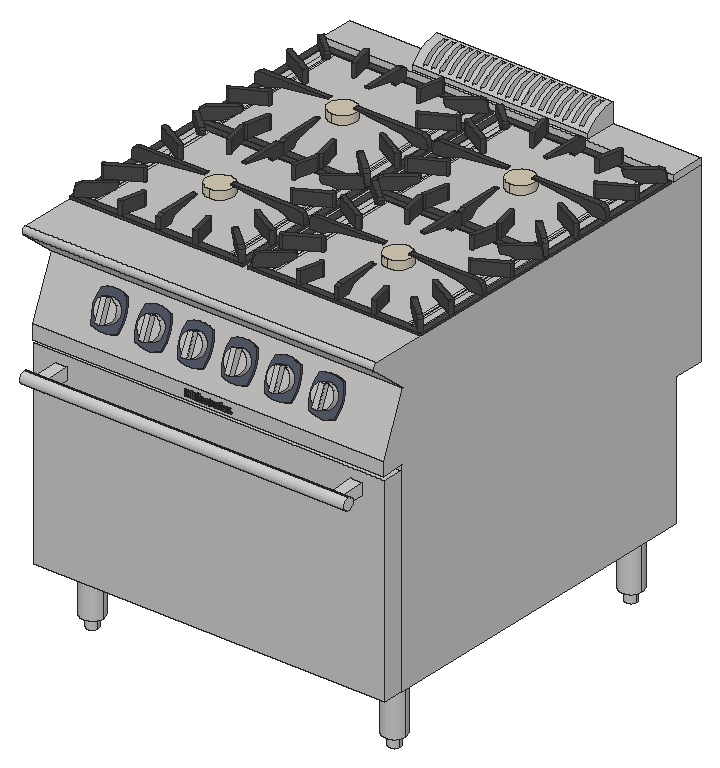
Revit family "QF_ELECTROLUXPROFESSIONAL_391457_E9AAMCBCMEE", category Specialty Equipment, Revit 2023
Family settings
  Round Connector Dimension = Use Diameter
  Part Type = Normal
  Work Plane-Based = No
  Enable Cutting in Views = No
  Always vertical = Yes
  Cut with Voids When Loaded = No
  Maintain Annotation Orientation = No
  Shared = No
  Room Calculation Point = No
Parameters (values of type "Standard")
  Weight = 155.00 kg
  Watts = 0 W
  Volts = 0 V
  URL Manufacturer = "http://www.electroluxprofessional.com"
  URL = "http://www.electroluxprofessional.com"
  Steam Supply Size = 0"
  Steam Supply Minimum Pressure = 0.00 psi
  Steam Supply Maximum Pressure = 0.00 psi
  Steam Consumption per Hour = 0
  Show Logo [instance] = yes
  Show Clearance [instance] = yes
  Refrigeration Suction Line Size = 0 mm
  Refrigeration Liquid Line Size = 0 mm
  Refrigerant Compressor Remote = yes
  Phase = 0
  Model = "E9AAMCBCMEE"
  Manufacturer = "Electrolux Professional"
  Length Actual = 800 mm
  Item Number = "391457"
  Hot Water Size = 0"
  Height Actual = 850 mm
  HP = "0 HP"
  Gas Size = 1/2"
  Gas KW = 28
  Gas Input Pressure = 2.96 Btu/h
  Direct Waste Size = 0"
  Description = "4-BURNER GAS RANGE+ELECTRIC OVEN 800MM - 3MM WORKTOP"
  Depth Actual = 930 mm
  Default Elevation = 0 mm
  Cycle = 0 Hz
  Condensate Return Size = 0"
  Compressed Air Volume = 0 GPM
  Compressed Air Size = 0"
  Compressed Air Pressure = 0.00 psi
  Cold Water Size = 0"
  Accessory = no
Reference planes
  plane 1 "BACK": y = 0
  plane 2: z = 0
  plane 3 "LEFT": x = 0
  plane 4 "RIGHT": x = 800.1
  plane 5 "FRONT": y = -930.275
  plane 6 "TOP": z = 909
  plane 7 "Center Y": x = 400.05
  plane 8 "Center X": y = -465.137
  plane 9: z = 150
  plane 10: z = 1397
  plane 11: y = -80.962
  plane 12: z = 851
  plane 13: x = 56
  plane 14: x = 744.1
  plane 15: y = -128
  plane 16: y = -802
  plane 17: y = -1306
  plane 18: y = -900
  plane 19: x = 552.1
  plane 20: x = 757.1
  plane 21: y = -665
Forms (mm)
  Extrusion 1, solid, material "QF_Finishes_Stainless Steel"
    sketch origin (0, 0, 0) x (0, 1, 0) y (0, 0, 1)
      loop
        line (0, 450.037) -> (0, 851) -> (-921.28, 851)
        arc (-921.28, 851) -> (-929.718, 845.109) -> (-927.095, 835.158) r 8.988
        line (-927.095, 835.158) -> (-846.681, 766.933) -> (-902.478, 641.576) -> (-902.478, 610.279) -> (-855.054, 614.975)
        arc (-855.054, 614.975) -> (-852.529, 614.227) -> (-851.437, 611.831) r 3.175
        line (-851.437, 611.831) -> (-851.437, 150) -> (-71.438, 150) -> (-71.438, 450.037) -> (0, 450.037)
    from 0 to 800.1
  Extrusion 2, solid, material "QF_Finishes_Stainless Steel"
    sketch origin (0, 0, 0) x (0, 1, 0) y (0, 0, 1)
      loop
        line (0, 851) -> (0, 865.288) -> (-76.2, 865.288) -> (-76.2, 851) -> (0, 851)
    from 0 to 800.1
  Extrusion 3, void
    sketch origin (-65.011, 0, 865.138) x (-1, 0, 0) y (0, -1, 0)
      loop
        line (-295.005, 6.761) -> (-285.709, 6.761) -> (-285.709, 63.911) -> (-295.005, 63.911) -> (-295.005, 6.761)
      loop
        line (-313.697, 6.761) -> (-304.401, 6.761) -> (-304.401, 63.911) -> (-313.697, 63.911) -> (-313.697, 6.761)
      loop
        line (-332.39, 6.761) -> (-323.094, 6.761) -> (-323.094, 63.911) -> (-332.39, 63.911) -> (-332.39, 6.761)
      loop
        line (-351.082, 6.761) -> (-341.787, 6.761) -> (-341.787, 63.911) -> (-351.082, 63.911) -> (-351.082, 6.761)
      loop
        line (-369.775, 6.761) -> (-360.479, 6.761) -> (-360.479, 63.911) -> (-369.775, 63.911) -> (-369.775, 6.761)
      loop
        line (-388.468, 6.761) -> (-379.172, 6.761) -> (-379.172, 63.911) -> (-388.468, 63.911) -> (-388.468, 6.761)
      loop
        line (-407.16, 6.761) -> (-397.864, 6.761) -> (-397.864, 63.911) -> (-407.16, 63.911) -> (-407.16, 6.761)
      loop
        line (-425.853, 6.761) -> (-416.557, 6.761) -> (-416.557, 63.911) -> (-425.853, 63.911) -> (-425.853, 6.761)
      loop
        line (-444.545, 6.761) -> (-435.25, 6.761) -> (-435.25, 63.911) -> (-444.545, 63.911) -> (-444.545, 6.761)
      loop
        line (-463.238, 6.761) -> (-453.942, 6.761) -> (-453.942, 63.911) -> (-463.238, 63.911) -> (-463.238, 6.761)
      loop
        line (-481.493, 6.761) -> (-472.635, 6.761) -> (-472.635, 63.911) -> (-481.493, 63.911) -> (-481.493, 6.761)
      loop
        line (-500.186, 6.761) -> (-490.89, 6.761) -> (-490.89, 63.911) -> (-500.186, 63.911) -> (-500.186, 6.761)
      loop
        line (-518.878, 6.761) -> (-509.583, 6.761) -> (-509.583, 63.911) -> (-518.878, 63.911) -> (-518.878, 6.761)
      loop
        line (-537.571, 6.761) -> (-528.275, 6.761) -> (-528.275, 63.911) -> (-537.571, 63.911) -> (-537.571, 6.761)
      loop
        line (-556.264, 6.761) -> (-546.968, 6.761) -> (-546.968, 63.911) -> (-556.264, 63.911) -> (-556.264, 6.761)
      loop
        line (-574.956, 6.761) -> (-565.66, 6.761) -> (-565.66, 63.911) -> (-574.956, 63.911) -> (-574.956, 6.761)
      loop
        line (-593.649, 6.761) -> (-584.353, 6.761) -> (-584.353, 63.911) -> (-593.649, 63.911) -> (-593.649, 6.761)
      loop
        line (-612.341, 6.761) -> (-603.046, 6.761) -> (-603.046, 63.911) -> (-612.341, 63.911) -> (-612.341, 6.761)
      loop
        line (-631.034, 6.761) -> (-621.738, 6.761) -> (-621.738, 63.911) -> (-631.034, 63.911) -> (-631.034, 6.761)
      loop
        line (-649.727, 6.761) -> (-640.431, 6.761) -> (-640.431, 63.911) -> (-649.727, 63.911) -> (-649.727, 6.761)
    from 9.525 to 45.348
  Extrusion 4, solid, material "QF_Finishes_Stainless Steel"
    sketch origin (400.05, 175.397, 1219.2) x (0, 1, 0) y (0, 0, 1)
      loop
        line (-175.397, -353.912) -> (-175.397, -310.2)
        arc (-175.397, -310.2) -> (-214.469, -318.821) -> (-245.247, -344.387) r 84.854
        line (-245.247, -344.387) -> (-245.247, -353.912) -> (-175.397, -353.912)
    from -200.05 to 199.95
  Extrusion 5, solid, material "QF_Finishes_Navy Blue"
    sketch origin (0, -879.281, 692.691) x (0, -0.406642, -0.913587) y (1, 0, 0)
      loop
        arc (-53.776, 223.651) -> (-18.194, 216.027) -> (17.514, 223.034) r 90.5
        arc (17.514, 223.034) -> (24.34, 252.222) -> (17.514, 281.409) r 65.817
        arc (17.514, 281.409) -> (-18.193, 288.369) -> (-53.776, 280.797) r 91.066
        arc (-53.776, 280.797) -> (-60.332, 252.224) -> (-53.776, 223.651) r 65.546
      loop
        arc (-53.776, 123.651) -> (-18.194, 116.027) -> (17.514, 123.034) r 90.5
        arc (17.514, 123.034) -> (24.34, 152.222) -> (17.514, 181.409) r 65.817
        arc (17.514, 181.409) -> (-18.193, 188.369) -> (-53.776, 180.797) r 91.066
        arc (-53.776, 180.797) -> (-60.332, 152.224) -> (-53.776, 123.651) r 65.546
      loop
        arc (-53.776, 576.786) -> (-60.332, 548.214) -> (-53.776, 519.641) r 65.546
        arc (-53.776, 519.641) -> (-18.193, 512.068) -> (17.514, 519.028) r 91.066
        arc (17.514, 519.028) -> (24.34, 548.216) -> (17.514, 577.404) r 65.817
        arc (17.514, 577.404) -> (-18.194, 584.411) -> (-53.776, 576.786) r 90.5
      loop
        arc (-53.776, 676.349) -> (-60.237, 647.995) -> (-53.776, 619.641) r 65.451
        arc (-53.776, 619.641) -> (-18.194, 612.032) -> (17.514, 619.025) r 90.665
        arc (17.514, 619.025) -> (24.245, 647.997) -> (17.514, 676.969) r 65.722
        arc (17.514, 676.969) -> (-18.195, 684.01) -> (-53.776, 676.349) r 90.1
      loop
        arc (-53.776, 420.279) -> (-18.194, 412.655) -> (17.514, 419.662) r 90.5
        arc (17.514, 419.662) -> (24.34, 448.849) -> (17.514, 478.037) r 65.817
        arc (17.514, 478.037) -> (-18.193, 484.997) -> (-53.776, 477.424) r 91.066
        arc (-53.776, 477.424) -> (-60.332, 448.852) -> (-53.776, 420.279) r 65.546
      loop
        arc (-53.776, 320.279) -> (-18.194, 312.655) -> (17.514, 319.662) r 90.5
        arc (17.514, 319.662) -> (24.34, 348.849) -> (17.514, 378.037) r 65.817
        arc (17.514, 378.037) -> (-18.193, 384.997) -> (-53.776, 377.424) r 91.066
        arc (-53.776, 377.424) -> (-60.332, 348.852) -> (-53.776, 320.279) r 65.546
    from 0 to 3.175
  Extrusion 6, solid, material "QF_Finishes_Stainless Steel"
    sketch origin (0, -882.182, 693.982) x (0, -0.406642, -0.913587) y (1, 0, 0)
      loop
        circle (-18.131, 252.457) r 25.4
      loop
        circle (-18.131, 152.457) r 25.4
      loop
        circle (-18.131, 547.543) r 25.4
      loop
        circle (-18.131, 647.543) r 25.4
      loop
        circle (-18.131, 349.085) r 25.4
      loop
        circle (-18.131, 449.085) r 25.4
    from 0 to 12.7
  Extrusion 7, solid, material "QF_Finishes_Stainless Steel"
    sketch origin (0, -893.785, 699.146) x (0, -0.406642, -0.913587) y (1, 0, 0)
      loop
        arc (-42.863, 258.243) -> (-43.531, 252.457) -> (-42.863, 246.671) r 25.4
        line (-42.863, 246.671) -> (6.601, 246.671)
        arc (6.601, 246.671) -> (7.269, 252.457) -> (6.601, 258.243) r 25.4
        line (6.601, 258.243) -> (-42.863, 258.243)
      loop
        arc (-42.863, 158.243) -> (-43.531, 152.457) -> (-42.863, 146.671) r 25.4
        line (-42.863, 146.671) -> (6.601, 146.671)
        arc (6.601, 146.671) -> (7.269, 152.457) -> (6.601, 158.243) r 25.4
        line (6.601, 158.243) -> (-42.863, 158.243)
      loop
        arc (-42.863, 553.425) -> (-43.531, 547.639) -> (-42.863, 541.852) r 25.4
        line (-42.863, 541.852) -> (6.601, 541.852)
        arc (6.601, 541.852) -> (7.269, 547.639) -> (6.601, 553.425) r 25.4
        line (6.601, 553.425) -> (-42.863, 553.425)
      loop
        arc (-42.863, 653.425) -> (-43.531, 647.639) -> (-42.863, 641.852) r 25.4
        line (-42.863, 641.852) -> (6.601, 641.852)
        arc (6.601, 641.852) -> (7.269, 647.639) -> (6.601, 653.425) r 25.4
        line (6.601, 653.425) -> (-42.863, 653.425)
      loop
        arc (-42.863, 454.871) -> (-43.531, 449.085) -> (-42.863, 443.299) r 25.4
        line (-42.863, 443.299) -> (6.601, 443.299)
        arc (6.601, 443.299) -> (7.269, 449.085) -> (6.601, 454.871) r 25.4
        line (6.601, 454.871) -> (-42.863, 454.871)
      loop
        arc (-42.863, 354.871) -> (-43.531, 349.085) -> (-42.863, 343.299) r 25.4
        line (-42.863, 343.299) -> (6.601, 343.299)
        arc (6.601, 343.299) -> (7.269, 349.085) -> (6.601, 354.871) r 25.4
        line (6.601, 354.871) -> (-42.863, 354.871)
    from 0 to 12.7
  Extrusion 8, solid, material "QF_Finishes_Navy Blue", visible <- "Show Logo"
    sketch origin (0, -902.478, 610.279) x (0, 0, 1) y (-1, 0, 0)
      loop
        line (21.268, -357.807) -> (8.901, -357.807)
        arc (8.901, -357.807) -> (15.085, -362.379) -> (21.268, -357.807) r 6.467
      loop
        arc (21.268, -357.178) -> (20.099, -352.035) -> (15.443, -349.557) r 6.338
        line (15.443, -349.557) -> (15.443, -351.603)
        arc (15.443, -351.603) -> (16.927, -355.258) -> (20.372, -357.178) r 5.941
        line (20.372, -357.178) -> (21.268, -357.178)
      loop
        arc (9.797, -357.178) -> (13.242, -355.258) -> (14.726, -351.603) r 5.941
        line (14.726, -351.603) -> (14.726, -349.557)
        arc (14.726, -349.557) -> (10.032, -352.031) -> (8.742, -357.178) r 6.504
        line (8.742, -357.178) -> (9.797, -357.178)
      loop
        line (21.943, -349.088) -> (8.198, -349.088) -> (8.198, -362.851) -> (21.943, -362.851) -> (21.943, -349.088)
      loop
        arc (22.026, -365.819) -> (21.679, -365.461) -> (21.312, -365.799) r 0.358
        arc (21.312, -365.799) -> (20.997, -366.549) -> (20.281, -366.934) r 1.216
        line (20.281, -366.934) -> (9.868, -366.934)
        arc (9.868, -366.934) -> (9.208, -366.657) -> (8.812, -366.06) r 1.238
        arc (8.812, -366.06) -> (8.417, -365.809) -> (8.112, -366.163) r 0.358
        line (8.112, -366.163) -> (8.112, -376.042) -> (10.863, -376.042) -> (10.863, -375.145)
        arc (10.863, -375.145) -> (9.954, -374.565) -> (9.498, -373.588) r 1.928
        line (9.498, -373.588) -> (9.498, -371.089)
        arc (9.498, -371.089) -> (9.774, -370.36) -> (10.462, -369.996) r 1.101
        line (10.462, -369.996) -> (14.549, -369.996) -> (14.549, -373.67)
        arc (14.549, -373.67) -> (14.196, -374.167) -> (13.631, -374.395) r 1.083
        arc (13.631, -374.395) -> (13.367, -374.7) -> (13.659, -374.978) r 0.292
        line (13.659, -374.978) -> (16.621, -374.978)
        arc (16.621, -374.978) -> (16.924, -374.705) -> (16.686, -374.375) r 0.305
        arc (16.686, -374.375) -> (16.195, -374.127) -> (15.89, -373.67) r 1.083
        line (15.89, -373.67) -> (15.89, -369.996) -> (20.567, -369.996) -> (20.567, -373.744)
        arc (20.567, -373.744) -> (20.353, -374.499) -> (19.747, -374.997) r 1.314
        arc (19.747, -374.997) -> (19.527, -375.401) -> (19.882, -375.694) r 0.361
        line (19.882, -375.694) -> (22.026, -375.694) -> (22.026, -365.819)
      loop
        arc (21.309, -376.474) -> (20.928, -377.393) -> (20.01, -377.773) r 1.299
        line (20.01, -377.773) -> (10.431, -377.773)
        arc (10.431, -377.773) -> (9.593, -377.395) -> (9.321, -376.517) r 1.118
        line (9.321, -376.517) -> (8.112, -376.517) -> (8.112, -381.867) -> (9.3, -381.867)
        arc (9.3, -381.867) -> (9.572, -380.95) -> (10.442, -380.554) r 1.153
        line (10.442, -380.554) -> (22.514, -380.554) -> (21.309, -376.474)
      loop
        line (13.077, -384.503) -> (13.077, -390.951) -> (13.876, -390.951)
        arc (13.876, -390.951) -> (16.456, -389.966) -> (17.725, -387.513) r 3.874
        line (17.725, -387.513) -> (17.725, -385.752)
        arc (17.725, -385.752) -> (16.538, -382.887) -> (13.674, -381.701) r 4.051
        line (13.674, -381.701) -> (11.666, -381.701)
        arc (11.666, -381.701) -> (8.847, -383.186) -> (7.795, -386.193) r 4.352
        arc (7.795, -386.193) -> (8.16, -388.656) -> (9.537, -390.73) r 5.713
        line (9.537, -390.73) -> (10.486, -390.73)
        arc (10.486, -390.73) -> (9.754, -389.161) -> (9.537, -387.443) r 5.579
        arc (9.537, -387.443) -> (10.331, -385.48) -> (12.21, -384.503) r 3.057
        line (12.21, -384.503) -> (13.077, -384.503)
      loop
        line (14.336, -384.503) -> (14.336, -388.085)
        arc (14.336, -388.085) -> (15.793, -388.133) -> (16.676, -386.973) r 1.59
        line (16.676, -386.973) -> (16.676, -386.143)
        arc (16.676, -386.143) -> (15.811, -384.888) -> (14.336, -384.503) r 2.184
      loop
        arc (17.127, -400.368) -> (17.616, -398.694) -> (17.773, -396.957) r 9.023
        line (17.773, -396.957) -> (17.773, -395.595)
        arc (17.773, -395.595) -> (16.614, -392.795) -> (13.814, -391.636) r 3.959
        line (13.814, -391.636) -> (11.214, -391.636)
        arc (11.214, -391.636) -> (8.932, -392.928) -> (7.815, -395.301) r 4.331
        line (7.815, -395.301) -> (7.815, -397.436)
        arc (7.815, -397.436) -> (8.323, -398.986) -> (9.245, -400.332) r 5.772
        arc (9.245, -400.332) -> (10.006, -400.383) -> (10.093, -399.624) r 0.553
        arc (10.093, -399.624) -> (9.705, -398.89) -> (9.571, -398.071) r 2.573
        line (9.571, -398.071) -> (9.571, -396.556)
        arc (9.571, -396.556) -> (10.577, -394.915) -> (12.392, -394.272) r 2.884
        line (12.392, -394.272) -> (13.67, -394.272)
        arc (13.67, -394.272) -> (15.492, -394.832) -> (16.418, -396.497) r 2.554
        line (16.418, -396.497) -> (16.418, -397.55)
        arc (16.418, -397.55) -> (16.087, -398.478) -> (15.43, -399.213) r 2.564
        arc (15.43, -399.213) -> (15.208, -399.93) -> (15.817, -400.368) r 0.643
        line (15.817, -400.368) -> (17.127, -400.368)
      loop
        line (16.109, -400.638) -> (16.109, -402.139) -> (10.061, -402.139)
        arc (10.061, -402.139) -> (8.473, -402.797) -> (7.815, -404.385) r 2.246
        line (7.815, -404.385) -> (7.815, -405.969)
        arc (7.815, -405.969) -> (8.129, -406.834) -> (8.629, -407.605) r 4.06
        arc (8.629, -407.605) -> (9.362, -407.738) -> (9.613, -407.037) r 0.576
        arc (9.613, -407.037) -> (9.507, -406.512) -> (9.571, -405.979) r 1.69
        arc (9.571, -405.979) -> (10.113, -405.191) -> (11.019, -404.888) r 1.506
        line (11.019, -404.888) -> (16.157, -404.888) -> (16.157, -407.285) -> (16.713, -407.842) -> (17.535, -407.842) -> (17.535, -404.982) -> (20.766, -404.982) -> (16.109, -400.638)
      loop
        line (8.032, -408.739) -> (8.032, -414.126) -> (9.142, -414.126)
        arc (9.142, -414.126) -> (9.536, -413.175) -> (10.487, -412.781) r 1.345
        line (10.487, -412.781) -> (14.103, -412.781)
        arc (14.103, -412.781) -> (14.868, -413.373) -> (15.157, -414.295) r 1.615
        line (15.157, -414.295) -> (15.157, -415.851) -> (17.713, -416.536) -> (17.713, -415.153) -> (15.771, -412.594) -> (17.651, -412.594) -> (17.367, -409.888)
        arc (17.367, -409.888) -> (16.927, -409.358) -> (16.268, -409.559) r 0.621
        arc (16.268, -409.559) -> (15.868, -409.901) -> (15.374, -410.084) r 1.501
        line (15.374, -410.084) -> (10.487, -410.084)
        arc (10.487, -410.084) -> (9.536, -409.69) -> (9.142, -408.739) r 1.345
        line (9.142, -408.739) -> (8.032, -408.739)
      loop
        line (14.134, -416.073) -> (11.442, -416.073)
        arc (11.442, -416.073) -> (8.996, -417.381) -> (7.863, -419.912) r 4.288
        arc (7.863, -419.912) -> (7.799, -421.292) -> (7.863, -422.672) r 15.022
        arc (7.863, -422.672) -> (8.996, -425.203) -> (11.442, -426.51) r 4.288
        line (11.442, -426.51) -> (14.134, -426.51)
        arc (14.134, -426.51) -> (16.579, -425.203) -> (17.713, -422.672) r 4.288
        arc (17.713, -422.672) -> (17.777, -421.292) -> (17.713, -419.912) r 15.022
        arc (17.713, -419.912) -> (16.579, -417.381) -> (14.134, -416.073) r 4.288
      loop
        line (14.339, -419.187) -> (11.237, -419.187)
        arc (11.237, -419.187) -> (9.08, -421.344) -> (11.237, -423.501) r 2.157
        line (11.237, -423.501) -> (14.339, -423.501)
        arc (14.339, -423.501) -> (16.496, -421.344) -> (14.339, -419.187) r 2.157
      loop
        arc (21.32, -426.369) -> (20.949, -427.263) -> (20.055, -427.633) r 1.264
        line (20.055, -427.633) -> (10.191, -427.633)
        arc (10.191, -427.633) -> (9.321, -427.236) -> (9.049, -426.32) r 1.153
        line (9.049, -426.32) -> (8.112, -426.32) -> (8.112, -431.428) -> (9.04, -431.428)
        arc (9.04, -431.428) -> (9.399, -430.656) -> (10.191, -430.341) r 1.153
        line (10.191, -430.341) -> (22.514, -430.341) -> (21.32, -426.369)
      loop
        arc (16.44, -430.966) -> (16.241, -432.03) -> (15.272, -432.512) r 1.215
        line (15.272, -432.512) -> (10.252, -432.512)
        arc (10.252, -432.512) -> (8.637, -433.16) -> (7.916, -434.743) r 2.338
        line (7.916, -434.743) -> (7.916, -436.257)
        arc (7.916, -436.257) -> (8.091, -437.261) -> (8.593, -438.147) r 2.979
        line (8.593, -438.147) -> (8.112, -439.944) -> (8.112, -441.633) -> (17.537, -441.633) -> (17.243, -437.429) -> (16.457, -437.429)
        arc (16.457, -437.429) -> (16.101, -438.265) -> (15.349, -438.774) r 1.605
        line (15.349, -438.774) -> (10.246, -438.774)
        arc (10.246, -438.774) -> (9.826, -437.837) -> (9.753, -436.813) r 2.94
        arc (9.753, -436.813) -> (10.314, -435.712) -> (11.467, -435.269) r 1.724
        line (11.467, -435.269) -> (17.664, -435.269) -> (16.44, -430.966)
      loop
        line (17.468, -442.486) -> (15.796, -444.532) -> (12.622, -446.838) -> (9.166, -443.726)
        arc (9.166, -443.726) -> (8.928, -443.332) -> (8.951, -442.873) r 0.789
        line (8.951, -442.873) -> (8.112, -442.873) -> (8.112, -446.418) -> (8.938, -446.418)
        arc (8.938, -446.418) -> (9.28, -446.056) -> (9.77, -446.148) r 0.52
        line (9.77, -446.148) -> (11.57, -447.619) -> (9.452, -448.995)
        arc (9.452, -448.995) -> (9.051, -448.685) -> (8.964, -448.185) r 0.7
        line (8.964, -448.185) -> (8.112, -448.185) -> (8.112, -454.112) -> (8.998, -454.112)
        arc (8.998, -454.112) -> (9.065, -453.453) -> (9.46, -452.922) r 1.247
        line (9.46, -452.922) -> (13.66, -449.641) -> (16.107, -451.694) -> (17.468, -453.436) -> (17.468, -449.713) -> (15.983, -450.135) -> (14.462, -448.858) -> (16.162, -447.668) -> (17.468, -448.445) -> (17.468, -442.486)
    from 0 to 1.644
  Extrusion 9, solid, material "QF_Finishes_Stainless Steel"
    sketch origin (0, -851.437, 611.831) x (0, 0, -1) y (1, 0, 0)
      loop
        line (461.056, 0) -> (461.056, 800) -> (9.61, 800) -> (9.61, 0) -> (461.056, 0)
    from 3.175 to 48.563
  Extrusion 10, solid, material "QF_Door-Drawer Clearances", visible <- "Show Clearance", detail levels coarse
    sketch origin (800, -851.437, 150.775) x (0, 0, 1) y (0, -1, 0)
      loop
        line (0, 454.563) -> (0, 48.563) -> (451.635, 48.563)
        arc (451.635, 48.563) -> (296.232, 329.892) -> (0, 454.563) r 490.361
    from 0 to -800
  Extrusion 11, solid, material "QF_Clearances", visible <- "Show Clearance", detail levels coarse
    sketch origin (0, 0, 0) x (1, 0, 0) y (0, 1, 0)
      loop
        line (-100.013, -930.275) -> (0, -930.275) -> (0, 0) -> (800.1, 0) -> (800.1, -930.275) -> (900.113, -930.275) -> (900.113, 100.013) -> (-100.013, 100.013) -> (-100.013, -930.275)
    from 0 to 909
  Revolve 12, solid, material "QF_Finishes_Stainless Steel"
    sketch origin (800.1, -128, 611.731) x (0, 0, -1) y (1, 0, 0)
      loop
        line (461.731, -56) -> (611.731, -56) -> (611.731, -43.3) -> (586.331, -43.3) -> (586.331, -30.6) -> (461.731, -30.6) -> (461.731, -56)
      axis (611.731, -56) -> (461.731, -56)
    angle from 0 to 360
  Revolve 13, solid, material "QF_Finishes_Stainless Steel"
    sketch origin (111.125, -128, 611.731) x (0, 0, -1) y (1, 0, 0)
      loop
        line (461.731, -55.125) -> (611.731, -55.125) -> (611.731, -42.425) -> (586.331, -42.425) -> (586.331, -29.725) -> (461.731, -29.725) -> (461.731, -55.125)
      axis (611.731, -55.125) -> (461.731, -55.125)
    angle from 0 to 360
  Revolve 14, solid, material "QF_Finishes_Stainless Steel"
    sketch origin (800.1, -802, 611.731) x (0, 0, -1) y (1, 0, 0)
      loop
        line (461.731, -56) -> (611.731, -56) -> (611.731, -43.3) -> (586.331, -43.3) -> (586.331, -30.6) -> (461.731, -30.6) -> (461.731, -56)
      axis (611.731, -56) -> (461.731, -56)
    angle from 0 to 360
  Revolve 15, solid, material "QF_Finishes_Stainless Steel"
    sketch origin (111.125, -802, 611.731) x (0, 0, -1) y (1, 0, 0)
      loop
        line (461.731, -55.125) -> (611.731, -55.125) -> (611.731, -42.425) -> (586.331, -42.425) -> (586.331, -29.725) -> (461.731, -29.725) -> (461.731, -55.125)
      axis (611.731, -55.125) -> (461.731, -55.125)
    angle from 0 to 360
  Extrusion 16, solid, material "QF_Finishes_Handrails and Railings"
    sketch origin (50.8, -1067.312, 150) x (0, 0, 1) y (0, 1, 0)
      loop
        circle (421.409, 103.146) r 12.7
    from 19.875 to -718.375
  Extrusion 17, solid, material "QF_Finishes_Handrails and Railings"
    sketch origin (800, -1067.312, 150) x (0, 0, 1) y (0, -1, 0)
      loop
        line (430.101, -167.312) -> (427.396, -114.347)
        arc (427.396, -114.347) -> (413.589, -113.153) -> (409.093, -100.044) r 12.7
        arc (409.093, -100.044) -> (408.276, -100.585) -> (407.501, -101.183) r 13.441
        arc (407.501, -101.183) -> (406.055, -102.989) -> (405.435, -105.216) r 5.77
        line (405.435, -105.216) -> (402.092, -167.312) -> (430.101, -167.312)
    from -50.7 to -76.1
  Extrusion 18, solid, material "QF_Finishes_Handrails and Railings"
    sketch origin (0.1, -1067.312, 150) x (0, 0, 1) y (0, 1, 0)
      loop
        line (430.101, 167.312) -> (402.092, 167.312) -> (405.435, 105.216)
        arc (405.435, 105.216) -> (406.055, 102.989) -> (407.501, 101.183) r 5.77
        arc (407.501, 101.183) -> (408.276, 100.585) -> (409.093, 100.044) r 13.441
        arc (409.093, 100.044) -> (413.589, 113.153) -> (427.396, 114.347) r 12.7
        line (427.396, 114.347) -> (430.101, 167.312)
    from -50.7 to -76.1
  Extrusion 19, solid, material "QF_Finishes_Stainless Steel"
    sketch origin (0, -851.437, 150) x (1, 0, 0) y (0, -1, 0)
      loop
        circle (757.1, -91.437) r 12.7
    from 0 to 4
  Extrusion 20, solid, material "QF_Finishes_Stainless Steel"
    sketch origin (0, -851.437, 150) x (1, 0, 0) y (0, -1, 0)
      loop
        circle (749.1, -186.437) r 6.4
    from 0 to 21
  Extrusion 21, solid, material "QF_Finishes_Stainless Steel"
    sketch origin (0, -851.437, 150) x (1, 0, 0) y (0, -1, 0)
      loop
        circle (649.1, -316.437) r 12.7
    from 0 to 3
Cuts and joins
  Extrusion 3 cuts Extrusion 4
Lines and regions (mm)
  Split face 1
    outline origin (0, -846.681, 766.933) x (0, -0.406642, -0.913587) y (1, 0, 0)
      loop
        circle (14.837, 511.387) r 5
  Split face 2
    outline origin (800.1, -846.681, 766.933) x (0, -0.406642, -0.913587) y (1, 0, 0)
      loop
        circle (14.837, -511.387) r 5
  symbolic lines, style "QF_Clearances", visible <- "Show Clearance", detail levels coarse
    curve 1: line (-100.013, -930.275, 0) -> (-100.012, 100.013, 0)
    curve 2: line (-100.013, 100.013, 0) -> (900.113, 100.013, 0)
    curve 3: line (900.113, 100.013, 0) -> (900.113, -929.879, 0)
  symbolic lines
    curve 4: line (0, 0, 0) -> (800.1, 0, 0)
    curve 5: line (800.1, 0, 0) -> (800.1, -930.275, 0)
    curve 6: line (0, -930.275, 0) -> (0, 0, 0)
    curve 7: line (0, -76.2, 0) -> (800.1, -76.2, 0)
    curve 8: line (0, -930.275, 0) -> (800.1, -930.275, 0)
    curve 13: line (50.8, -967.268, 0) -> (50.8, -930.275, 0)
    curve 14: line (50.8, -967.268, 0) -> (76.2, -967.268, 0)
    curve 15: line (76.2, -967.268, 0) -> (76.2, -930.275, 0)
    curve 16: line (30.925, -951.466, 0) -> (30.925, -976.866, 0)
    curve 17: line (30.925, -976.866, 0) -> (769.175, -976.866, 0)
    curve 18: line (769.175, -976.866, 0) -> (769.175, -951.466, 0)
    curve 19: line (769.175, -951.466, 0) -> (749.3, -951.466, 0)
    curve 20: line (749.3, -967.268, 0) -> (749.3, -930.275, 0)
    curve 21: line (723.9, -930.275, 0) -> (723.9, -967.268, 0)
    curve 22: line (723.9, -967.268, 0) -> (749.3, -967.268, 0)
    curve 23: line (76.2, -951.468, 0) -> (723.9, -951.468, 0)
    curve 24: line (200, -69.85, 0) -> (600, -69.85, 0)
    curve 25: line (220.698, -63.911, 0) -> (220.698, -6.761, 0)
    curve 26: line (220.698, -6.761, 0) -> (229.994, -6.761, 0)
    curve 27: line (229.994, -6.761, 0) -> (229.994, -63.911, 0)
    curve 28: line (229.994, -63.911, 0) -> (220.698, -63.911, 0)
    curve 29: line (239.39, -63.911, 0) -> (239.39, -6.761, 0)
    curve 30: line (239.39, -6.761, 0) -> (248.686, -6.761, 0)
    curve 31: line (248.686, -6.761, 0) -> (248.686, -63.911, 0)
    curve 32: line (248.686, -63.911, 0) -> (239.39, -63.911, 0)
    curve 33: line (258.083, -63.911, 0) -> (258.083, -6.761, 0)
    curve 34: line (258.083, -6.761, 0) -> (267.379, -6.761, 0)
    curve 35: line (267.379, -6.761, 0) -> (267.379, -63.911, 0)
    curve 36: line (267.379, -63.911, 0) -> (258.083, -63.911, 0)
    curve 37: line (276.776, -63.911, 0) -> (276.776, -6.761, 0)
    curve 38: line (276.776, -6.761, 0) -> (286.071, -6.761, 0)
    curve 39: line (286.071, -6.761, 0) -> (286.071, -63.911, 0)
    curve 40: line (286.071, -63.911, 0) -> (276.776, -63.911, 0)
    curve 41: line (295.468, -63.911, 0) -> (295.468, -6.761, 0)
    curve 42: line (295.468, -6.761, 0) -> (304.764, -6.761, 0)
    curve 43: line (304.764, -6.761, 0) -> (304.764, -63.911, 0)
    curve 44: line (304.764, -63.911, 0) -> (295.468, -63.911, 0)
    curve 45: line (314.161, -63.911, 0) -> (314.161, -6.761, 0)
    curve 46: line (314.161, -6.761, 0) -> (323.457, -6.761, 0)
    curve 47: line (323.457, -6.761, 0) -> (323.457, -63.911, 0)
    curve 48: line (323.457, -63.911, 0) -> (314.161, -63.911, 0)
    curve 49: line (332.854, -63.911, 0) -> (332.854, -6.761, 0)
    curve 50: line (332.854, -6.761, 0) -> (342.149, -6.761, 0)
    curve 51: line (342.149, -6.761, 0) -> (342.149, -63.911, 0)
    curve 52: line (342.149, -63.911, 0) -> (332.854, -63.911, 0)
    curve 53: line (351.546, -63.911, 0) -> (351.546, -6.761, 0)
    curve 54: line (351.546, -6.761, 0) -> (360.842, -6.761, 0)
    curve 55: line (360.842, -6.761, 0) -> (360.842, -63.911, 0)
    curve 56: line (360.842, -63.911, 0) -> (351.546, -63.911, 0)
    curve 57: line (370.239, -63.911, 0) -> (370.239, -6.761, 0)
    curve 58: line (370.239, -6.761, 0) -> (379.534, -6.761, 0)
    curve 59: line (379.534, -6.761, 0) -> (379.534, -63.911, 0)
    curve 60: line (379.534, -63.911, 0) -> (370.239, -63.911, 0)
    curve 61: line (388.931, -63.911, 0) -> (388.931, -6.761, 0)
    curve 62: line (388.931, -6.761, 0) -> (398.227, -6.761, 0)
    curve 63: line (398.227, -6.761, 0) -> (398.227, -63.911, 0)
    curve 64: line (398.227, -63.911, 0) -> (388.931, -63.911, 0)
    curve 65: line (407.624, -63.911, 0) -> (407.624, -6.761, 0)
    curve 66: line (407.624, -6.761, 0) -> (416.482, -6.761, 0)
    curve 67: line (416.482, -6.761, 0) -> (416.482, -63.911, 0)
    curve 68: line (416.482, -63.911, 0) -> (407.624, -63.911, 0)
    curve 69: line (425.879, -63.911, 0) -> (425.879, -6.761, 0)
    curve 70: line (425.879, -6.761, 0) -> (435.175, -6.761, 0)
    curve 71: line (435.175, -6.761, 0) -> (435.175, -63.911, 0)
    curve 72: line (435.175, -63.911, 0) -> (425.879, -63.911, 0)
    curve 73: line (444.572, -63.911, 0) -> (444.572, -6.761, 0)
    curve 74: line (444.572, -6.761, 0) -> (453.867, -6.761, 0)
    curve 75: line (453.867, -6.761, 0) -> (453.867, -63.911, 0)
    curve 76: line (453.867, -63.911, 0) -> (444.572, -63.911, 0)
    curve 77: line (463.264, -63.911, 0) -> (463.264, -6.761, 0)
    curve 78: line (463.264, -6.761, 0) -> (472.56, -6.761, 0)
    curve 79: line (472.56, -6.761, 0) -> (472.56, -63.911, 0)
    curve 80: line (472.56, -63.911, 0) -> (463.264, -63.911, 0)
    curve 81: line (481.957, -63.911, 0) -> (481.957, -6.761, 0)
    curve 82: line (481.957, -6.761, 0) -> (491.253, -6.761, 0)
    curve 83: line (491.253, -6.761, 0) -> (491.253, -63.911, 0)
    curve 84: line (491.253, -63.911, 0) -> (481.957, -63.911, 0)
    curve 85: line (500.65, -63.911, 0) -> (500.65, -6.761, 0)
    curve 86: line (500.65, -6.761, 0) -> (509.945, -6.761, 0)
    curve 87: line (509.945, -6.761, 0) -> (509.945, -63.911, 0)
    curve 88: line (509.945, -63.911, 0) -> (500.65, -63.911, 0)
    curve 89: line (519.342, -63.911, 0) -> (519.342, -6.761, 0)
    curve 90: line (519.342, -6.761, 0) -> (528.638, -6.761, 0)
    curve 91: line (528.638, -6.761, 0) -> (528.638, -63.911, 0)
    curve 92: line (528.638, -63.911, 0) -> (519.342, -63.911, 0)
    curve 93: line (538.035, -63.911, 0) -> (538.035, -6.761, 0)
    curve 94: line (538.035, -6.761, 0) -> (547.33, -6.761, 0)
    curve 95: line (547.33, -6.761, 0) -> (547.33, -63.911, 0)
    curve 96: line (547.33, -63.911, 0) -> (538.035, -63.911, 0)
    curve 97: line (556.727, -63.911, 0) -> (556.727, -6.761, 0)
    curve 98: line (556.727, -6.761, 0) -> (566.023, -6.761, 0)
    curve 99: line (566.023, -6.761, 0) -> (566.023, -63.911, 0)
    curve 100: line (566.023, -63.911, 0) -> (556.727, -63.911, 0)
    curve 101: line (575.42, -63.911, 0) -> (575.42, -6.761, 0)
    curve 102: line (575.42, -6.761, 0) -> (584.716, -6.761, 0)
    curve 103: line (584.716, -6.761, 0) -> (584.716, -63.911, 0)
    curve 104: line (584.716, -63.911, 0) -> (575.42, -63.911, 0)
    curve 105: line (600, -69.85, 0) -> (600, 0, 0)
    curve 106: line (200, 0, 0) -> (200, -69.85, 0)
  symbolic lines, style "QF_Door-Drawer Clearances"
    curve 9: line (800.1, -930.275, 0) -> (800.1, -1306, 0)
    curve 10: line (800.1, -1306, 0) -> (0, -1306, 0)
    curve 11: line (0, -930.275, 0) -> (0, -1306, 0)
  symbolic lines, style "SpecialityEquipment"
    curve 12: line (30.925, -951.466, 0) -> (50.8, -951.466, 0)
Dimensions and locks
  equal spacing: plane 3 "LEFT", plane 7 "Center Y", plane 4 "RIGHT"
  plane 3 "LEFT" to plane 4 "RIGHT" = 800.1 mm
  equal spacing: plane 5 "FRONT", plane 8 "Center X", plane 1 "BACK"
  plane 5 "FRONT" to plane 1 "BACK" = 930.275 mm  (x3)
  plane 6 "TOP" to plane 2 = 909 mm
  plane 9 to plane 2 = 150 mm
  plane 10 to plane 2 = 1397 mm
  plane 6 "TOP" to plane 12 = 58 mm  (x2)
  plane 12 to plane 2 = 851 mm
  plane 3 "LEFT" to plane 13 = 56 mm
  plane 4 "RIGHT" to plane 14 = 56 mm
  plane 15 to plane 1 "BACK" = 128 mm
  plane 16 to plane 15 = 674 mm
  Extrusion 1 sketch curve to plane 1 "BACK" = 71.438 mm
  Extrusion 1 sketch curve to plane 9 = 300.037 mm
  plane 17 to plane 1 "BACK" = 1306 mm
  plane 18 to plane 1 "BACK" = 900 mm
  plane 18 to plane 16 = 98 mm
  plane 9 to Extrusion 1 = 300.037 mm
  plane 4 "RIGHT" to plane 19 = 248 mm
  plane 4 "RIGHT" to plane 20 = 43 mm
  plane 13 to plane 14 = 688.1 mm
  plane 21 to plane 1 "BACK" = 665 mm
  Extrusion 19 sketch curve to plane 4 "RIGHT" = 43 mm
  Extrusion 19 sketch curve to plane 1 "BACK" = 760 mm
  plane 2 to Extrusion 20 = 129 mm
  aligned and locked: level to plane 2
  aligned and locked: Extrusion 1 to plane 4 "RIGHT"
  aligned and locked: Extrusion 2 to plane 4 "RIGHT"
  aligned and locked: Extrusion 10 to Extrusion 9
  aligned and locked: plane 6 "TOP" to Extrusion 11
Automatic sketch dimensions
  Extrusion 2 sketch curve to plane 12 = 0 mm
  Extrusion 2 sketch curve to plane 1 "BACK" = 0 mm
  plane 11 to Extrusion 2 sketch curve = 4.763 mm
  plane 12 to Extrusion 2 sketch curve = 14.288 mm
  plane 19 to Extrusion 3 sketch curve = 32.616 mm
  Extrusion 3 sketch curve to Extrusion 3 sketch curve = 9.296 mm  (x18)
  Extrusion 3 sketch curve to Extrusion 3 sketch curve = 9.397 mm  (x17)
  plane 19 to Extrusion 3 sketch curve = 4.627 mm
  Extrusion 3 sketch curve to plane 19 = 4.77 mm
  plane 7 "Center Y" to Extrusion 3 sketch curve = 7.574 mm
  Extrusion 3 sketch curve to plane 7 "Center Y" = 1.823 mm
  plane 1 "BACK" to Extrusion 3 sketch curve = 6.761 mm  (x20)
  plane 11 to Extrusion 3 sketch curve = 17.052 mm  (x20)
  Extrusion 4 sketch curve to plane 1 "BACK" = 0 mm
  Extrusion 4 sketch curve to plane 6 "TOP" = 0 mm
  plane 1 "BACK" to Extrusion 4 sketch curve = 1.769 mm
  plane 11 to Extrusion 4 sketch curve = 11.113 mm
  Extrusion 4 sketch curve to plane 6 "TOP" = 34.187 mm
  Extrusion 4 sketch curve to Extrusion 4 sketch curve = 9.525 mm
  plane 19 to Extrusion 5 sketch curve = 67.541 mm
  Extrusion 5 sketch curve to plane 13 = 167.651 mm
  Extrusion 5 sketch curve to Extrusion 5 sketch curve = 0 mm  (x16)
  Extrusion 5 sketch curve to plane 7 "Center Y" = 22.626 mm
  Extrusion 5 sketch curve to plane 19 = 32.459 mm
  plane 7 "Center Y" to Extrusion 5 sketch curve = 20.229 mm
  plane 19 to Extrusion 5 sketch curve = 24.686 mm
  Extrusion 5 sketch curve to Extrusion 5 sketch curve = 12.3 mm  (x18)
  Extrusion 5 sketch curve to plane 19 = 3.884 mm
  Extrusion 5 sketch curve to Extrusion 5 sketch curve = 36.365 mm  (x7)
  plane 7 "Center Y" to Extrusion 5 sketch curve = 3.101 mm
  Extrusion 5 sketch curve to plane 7 "Center Y" = 6.115 mm
  Extrusion 5 sketch curve to Extrusion 5 sketch curve = 46.691 mm  (x6)
  plane 7 "Center Y" to Extrusion 5 sketch curve = 19.612 mm
  Extrusion 5 sketch curve to plane 7 "Center Y" = 22.013 mm
  Extrusion 5 sketch curve to Extrusion 5 sketch curve = 0.617 mm
  Extrusion 5 sketch curve to Extrusion 5 sketch curve = 16.51 mm  (x2)
  Extrusion 5 sketch curve to Extrusion 5 sketch curve = 9.217 mm  (x2)
  Extrusion 5 sketch curve to Extrusion 5 sketch curve = 15.898 mm
  Extrusion 5 sketch curve to Extrusion 5 sketch curve = 29.185 mm
  Extrusion 5 sketch curve to Extrusion 5 sketch curve = 28.57 mm  (x2)
  Extrusion 5 sketch curve to Extrusion 5 sketch curve = 13.138 mm
  Extrusion 5 sketch curve to Extrusion 5 sketch curve = 9.238 mm
  Extrusion 5 sketch curve to Extrusion 5 sketch curve = 15.894 mm
  Extrusion 5 sketch curve to Extrusion 5 sketch curve = 28.97 mm
  Extrusion 6 sketch curve to Extrusion 6 sketch curve = 0 mm  (x5)
  Extrusion 6 sketch curve to Extrusion 6 sketch curve = 100 mm  (x3)
  Extrusion 6 sketch curve to Extrusion 6 sketch curve = 96.628 mm
  Extrusion 6 sketch curve to Extrusion 6 sketch curve = 98.458 mm
  Extrusion 7 sketch curve to Extrusion 7 sketch curve = 0 mm  (x12)
  Extrusion 7 sketch curve to Extrusion 7 sketch curve = 24.732 mm  (x8)
  Extrusion 7 sketch curve to Extrusion 7 sketch curve = 86.982 mm
  Extrusion 7 sketch curve to Extrusion 7 sketch curve = 5.786 mm  (x2)
  Extrusion 7 sketch curve to Extrusion 7 sketch curve = 88.428 mm
  Extrusion 8 sketch curve to Extrusion 1 = 2.755 mm
  Extrusion 8 sketch curve to Extrusion 1 = 7.795 mm
  Extrusion 8 sketch curve to Extrusion 1 = 7.815 mm  (x2)
  Extrusion 8 sketch curve to Extrusion 8 sketch curve = 5.108 mm  (x2)
  Extrusion 8 sketch curve to Extrusion 8 sketch curve = 0 mm  (x27)
  Extrusion 8 sketch curve to Extrusion 1 = 7.916 mm
  Extrusion 8 sketch curve to Extrusion 8 sketch curve = 0.218 mm
  Extrusion 8 sketch curve to Extrusion 8 sketch curve = 0.195 mm
  Extrusion 8 sketch curve to Extrusion 8 sketch curve = 0.249 mm
  Extrusion 8 sketch curve to Extrusion 1 = 8.112 mm
  Extrusion 8 sketch curve to Extrusion 8 sketch curve = 0.087 mm
  Extrusion 8 sketch curve to Extrusion 8 sketch curve = 0.358 mm
  Extrusion 8 sketch curve to Extrusion 8 sketch curve = 0.481 mm
  Extrusion 8 sketch curve to Extrusion 8 sketch curve = 0.597 mm
  Extrusion 8 sketch curve to Extrusion 8 sketch curve = 0.544 mm
  Extrusion 8 sketch curve to Extrusion 8 sketch curve = 0.936 mm
  Extrusion 8 sketch curve to Extrusion 8 sketch curve = 0.594 mm
  Extrusion 8 sketch curve to Extrusion 8 sketch curve = 0.343 mm
  Extrusion 8 sketch curve to Extrusion 8 sketch curve = 0.159 mm
  Extrusion 8 sketch curve to Extrusion 8 sketch curve = 0.826 mm
  Extrusion 8 sketch curve to Extrusion 8 sketch curve = 0.839 mm
  Extrusion 8 sketch curve to Extrusion 8 sketch curve = 0.852 mm
  Extrusion 8 sketch curve to Extrusion 8 sketch curve = 0.887 mm
  Extrusion 8 sketch curve to Extrusion 8 sketch curve = 0.928 mm
  Extrusion 8 sketch curve to Extrusion 8 sketch curve = 0.938 mm
  Extrusion 8 sketch curve to Extrusion 8 sketch curve = 0.444 mm
  Extrusion 8 sketch curve to Extrusion 8 sketch curve = 1.11 mm  (x3)
  Extrusion 8 sketch curve to Extrusion 8 sketch curve = 0.215 mm
  Extrusion 8 sketch curve to Extrusion 8 sketch curve = 1.43 mm
  Extrusion 8 sketch curve to Extrusion 8 sketch curve = 1.188 mm
  Extrusion 8 sketch curve to Extrusion 8 sketch curve = 1.21 mm  (x2)
  Extrusion 8 sketch curve to Extrusion 8 sketch curve = 0.503 mm
  Extrusion 8 sketch curve to Extrusion 8 sketch curve = 0.488 mm
  Extrusion 8 sketch curve to Extrusion 8 sketch curve = 0.462 mm
  Extrusion 8 sketch curve to Extrusion 8 sketch curve = 1.386 mm
  Extrusion 8 sketch curve to Extrusion 8 sketch curve = 1.742 mm  (x2)
  Extrusion 8 sketch curve to Extrusion 8 sketch curve = 0.821 mm
  Extrusion 8 sketch curve to Extrusion 8 sketch curve = 0.497 mm
  Extrusion 8 sketch curve to Extrusion 8 sketch curve = 0.539 mm
  Extrusion 8 sketch curve to Extrusion 8 sketch curve = 0.199 mm
  Extrusion 8 sketch curve to Extrusion 8 sketch curve = 0.408 mm
  Extrusion 8 sketch curve to Extrusion 8 sketch curve = 0.743 mm
  Extrusion 8 sketch curve to Extrusion 8 sketch curve = 1.16 mm
  Extrusion 8 sketch curve to Extrusion 8 sketch curve = 0.329 mm
  Extrusion 8 sketch curve to Extrusion 8 sketch curve = 1.054 mm
  Extrusion 8 sketch curve to Extrusion 8 sketch curve = 1.056 mm
  Extrusion 8 sketch curve to Extrusion 8 sketch curve = 0.129 mm
  Extrusion 8 sketch curve to Extrusion 8 sketch curve = 0.489 mm
  Extrusion 8 sketch curve to Extrusion 8 sketch curve = 0.441 mm
  Extrusion 8 sketch curve to Extrusion 8 sketch curve = 1.151 mm
  Extrusion 8 sketch curve to Extrusion 8 sketch curve = 1.141 mm  (x2)
  Extrusion 8 sketch curve to Extrusion 8 sketch curve = 0.768 mm
  Extrusion 8 sketch curve to Extrusion 8 sketch curve = 1.653 mm
  Extrusion 8 sketch curve to Extrusion 8 sketch curve = 0.499 mm
  Extrusion 8 sketch curve to Extrusion 8 sketch curve = 0.964 mm
  Extrusion 8 sketch curve to Extrusion 8 sketch curve = 0.949 mm
  Extrusion 8 sketch curve to Extrusion 8 sketch curve = 1.345 mm  (x3)
  Extrusion 8 sketch curve to Extrusion 8 sketch curve = 1.101 mm
  Extrusion 8 sketch curve to Extrusion 8 sketch curve = 0.432 mm
  Extrusion 8 sketch curve to Extrusion 8 sketch curve = 1.142 mm
  Extrusion 8 sketch curve to Extrusion 8 sketch curve = 0.959 mm
  Extrusion 8 sketch curve to Extrusion 8 sketch curve = 0.176 mm
  Extrusion 8 sketch curve to Extrusion 8 sketch curve = 0.728 mm
  Extrusion 8 sketch curve to Extrusion 8 sketch curve = 3.375 mm  (x2)
  Extrusion 8 sketch curve to Extrusion 8 sketch curve = 0.541 mm
  Extrusion 8 sketch curve to Extrusion 8 sketch curve = 0.955 mm
  Extrusion 8 sketch curve to Extrusion 8 sketch curve = 1.251 mm
  Extrusion 8 sketch curve to Extrusion 8 sketch curve = 0.572 mm
  Extrusion 8 sketch curve to Extrusion 8 sketch curve = 1.92 mm
  Extrusion 8 sketch curve to Extrusion 8 sketch curve = 1.224 mm
  Extrusion 8 sketch curve to Extrusion 8 sketch curve = 0.745 mm
  Extrusion 8 sketch curve to Extrusion 8 sketch curve = 2.537 mm
  Extrusion 8 sketch curve to Extrusion 8 sketch curve = 0.896 mm  (x3)
  Extrusion 8 sketch curve to Extrusion 8 sketch curve = 0.036 mm
  Extrusion 8 sketch curve to Extrusion 8 sketch curve = 2.607 mm
  Extrusion 8 sketch curve to Extrusion 8 sketch curve = 0.066 mm
  Extrusion 8 sketch curve to Extrusion 8 sketch curve = 0.248 mm
  Extrusion 8 sketch curve to Extrusion 8 sketch curve = 0.449 mm
  Extrusion 8 sketch curve to Extrusion 8 sketch curve = 1.052 mm
  Extrusion 8 sketch curve to Extrusion 8 sketch curve = 1.863 mm
  Extrusion 8 sketch curve to Extrusion 8 sketch curve = 1.31 mm  (x2)
  Extrusion 8 sketch curve to Extrusion 8 sketch curve = 0.901 mm
  Extrusion 8 sketch curve to Extrusion 8 sketch curve = 1.107 mm
  Extrusion 8 sketch curve to Extrusion 8 sketch curve = 2.122 mm
  Extrusion 8 sketch curve to Extrusion 8 sketch curve = 2.101 mm
  Extrusion 8 sketch curve to Extrusion 8 sketch curve = 0.106 mm
  Extrusion 8 sketch curve to Extrusion 8 sketch curve = 0.029 mm
  Extrusion 8 sketch curve to Extrusion 8 sketch curve = 2.09 mm
  Extrusion 8 sketch curve to Extrusion 8 sketch curve = 1.279 mm
  Extrusion 8 sketch curve to Extrusion 8 sketch curve = 2.008 mm
  Extrusion 8 sketch curve to Extrusion 8 sketch curve = 0.738 mm
  Extrusion 8 sketch curve to Extrusion 8 sketch curve = 0.382 mm
  Extrusion 8 sketch curve to Extrusion 8 sketch curve = 0.384 mm
  Extrusion 8 sketch curve to Extrusion 8 sketch curve = 0.002 mm
  Extrusion 8 sketch curve to Extrusion 8 sketch curve = 0.561 mm
  Extrusion 8 sketch curve to Extrusion 8 sketch curve = 0.592 mm
  Extrusion 8 sketch curve to Extrusion 8 sketch curve = 2.692 mm
  Extrusion 8 sketch curve to Extrusion 8 sketch curve = 1.259 mm
  Extrusion 8 sketch curve to Extrusion 8 sketch curve = 0.802 mm
  Extrusion 8 sketch curve to Extrusion 8 sketch curve = 1.024 mm  (x2)
  Extrusion 8 sketch curve to Extrusion 8 sketch curve = 0.682 mm
  Extrusion 8 sketch curve to Extrusion 8 sketch curve = 5.934 mm
  Extrusion 8 sketch curve to Extrusion 8 sketch curve = 2.186 mm
  Extrusion 8 sketch curve to Extrusion 8 sketch curve = 0.337 mm
  Extrusion 8 sketch curve to Extrusion 8 sketch curve = 0.021 mm
  Extrusion 8 sketch curve to Extrusion 8 sketch curve = 1.005 mm
  Extrusion 8 sketch curve to Extrusion 8 sketch curve = 0.552 mm
  Extrusion 8 sketch curve to Extrusion 8 sketch curve = 0.778 mm
  Extrusion 8 sketch curve to Extrusion 8 sketch curve = 0.063 mm
  Extrusion 8 sketch curve to Extrusion 8 sketch curve = 1.023 mm
  Extrusion 8 sketch curve to Extrusion 8 sketch curve = 3.804 mm
  Extrusion 8 sketch curve to Extrusion 8 sketch curve = 0.486 mm
  Extrusion 8 sketch curve to Extrusion 8 sketch curve = 0.266 mm
  Extrusion 8 sketch curve to Extrusion 8 sketch curve = 1.547 mm
  Extrusion 8 sketch curve to Extrusion 8 sketch curve = 0.717 mm  (x2)
  Extrusion 8 sketch curve to Extrusion 8 sketch curve = 1.667 mm
  Extrusion 8 sketch curve to Extrusion 8 sketch curve = 3.174 mm
  Extrusion 8 sketch curve to Extrusion 8 sketch curve = 0.388 mm
  Extrusion 8 sketch curve to Extrusion 8 sketch curve = 1.342 mm
  Extrusion 8 sketch curve to Extrusion 8 sketch curve = 1.521 mm
  Extrusion 8 sketch curve to Extrusion 8 sketch curve = 0.124 mm
  Extrusion 8 sketch curve to Extrusion 8 sketch curve = 0.291 mm
  Extrusion 8 sketch curve to Extrusion 8 sketch curve = 1.049 mm  (x2)
  Extrusion 8 sketch curve to Extrusion 8 sketch curve = 1.7 mm
  Extrusion 8 sketch curve to Extrusion 8 sketch curve = 0.894 mm
  Extrusion 8 sketch curve to Extrusion 8 sketch curve = 0.989 mm
  Extrusion 8 sketch curve to Extrusion 8 sketch curve = 1.168 mm
  Extrusion 8 sketch curve to Extrusion 8 sketch curve = 1.594 mm
  Extrusion 8 sketch curve to Extrusion 8 sketch curve = 0.731 mm
  Extrusion 8 sketch curve to Extrusion 8 sketch curve = 1.566 mm
  Extrusion 8 sketch curve to Extrusion 8 sketch curve = 0.064 mm
  Extrusion 8 sketch curve to Extrusion 8 sketch curve = 0.556 mm  (x2)
  Extrusion 8 sketch curve to Extrusion 8 sketch curve = 0.48 mm
  Extrusion 8 sketch curve to Extrusion 8 sketch curve = 1.018 mm
  Extrusion 8 sketch curve to Extrusion 8 sketch curve = 0.787 mm
  Extrusion 8 sketch curve to Extrusion 8 sketch curve = 0.618 mm
  Extrusion 8 sketch curve to Extrusion 8 sketch curve = 1.672 mm
  Extrusion 8 sketch curve to Extrusion 8 sketch curve = 1.361 mm
  Extrusion 8 sketch curve to Extrusion 8 sketch curve = 0.822 mm
  Extrusion 8 sketch curve to Extrusion 8 sketch curve = 0.069 mm
  Extrusion 8 sketch curve to Extrusion 8 sketch curve = 1.88 mm
  Extrusion 8 sketch curve to Extrusion 8 sketch curve = 0.42 mm
  Extrusion 8 sketch curve to Extrusion 8 sketch curve = 0.062 mm
  Extrusion 8 sketch curve to Extrusion 8 sketch curve = 1.355 mm
  Extrusion 8 sketch curve to Extrusion 8 sketch curve = 2.34 mm
  Extrusion 8 sketch curve to Extrusion 8 sketch curve = 0.493 mm
  Extrusion 8 sketch curve to Extrusion 8 sketch curve = 0.136 mm
  Extrusion 8 sketch curve to Extrusion 8 sketch curve = 0.128 mm
  Extrusion 8 sketch curve to Extrusion 8 sketch curve = 3.616 mm
  Extrusion 8 sketch curve to Extrusion 8 sketch curve = 4.207 mm
  Extrusion 8 sketch curve to Extrusion 8 sketch curve = 0.183 mm
  Extrusion 8 sketch curve to Extrusion 8 sketch curve = 0.895 mm
  Extrusion 8 sketch curve to Extrusion 8 sketch curve = 1.314 mm
  Extrusion 8 sketch curve to Extrusion 8 sketch curve = 3.231 mm
  Extrusion 8 sketch curve to Extrusion 8 sketch curve = 1.299 mm
  Extrusion 8 sketch curve to Extrusion 8 sketch curve = 1.214 mm
  Extrusion 8 sketch curve to Extrusion 8 sketch curve = 1.264 mm
  Extrusion 8 sketch curve to Extrusion 8 sketch curve = 0.109 mm
  Extrusion 8 sketch curve to Extrusion 8 sketch curve = 0.357 mm
  Extrusion 8 sketch curve to Extrusion 8 sketch curve = 0.565 mm
  Extrusion 8 sketch curve to Extrusion 8 sketch curve = 2.504 mm
  Extrusion 8 sketch curve to Extrusion 8 sketch curve = 2.459 mm
  Extrusion 1 to Extrusion 8 sketch curve = 345.988 mm
  Extrusion 8 sketch curve to Extrusion 8 sketch curve = 0.208 mm
  Extrusion 8 sketch curve to Extrusion 8 sketch curve = 0.468 mm  (x2)
  Extrusion 8 sketch curve to Extrusion 8 sketch curve = 1.559 mm
  Extrusion 8 sketch curve to Extrusion 8 sketch curve = 0.422 mm  (x2)
  Extrusion 8 sketch curve to Extrusion 8 sketch curve = 0.494 mm
  Extrusion 8 sketch curve to Extrusion 8 sketch curve = 3.927 mm
  Extrusion 8 sketch curve to Extrusion 8 sketch curve = 0.782 mm
  Extrusion 8 sketch curve to Extrusion 8 sketch curve = 1.268 mm
  Extrusion 8 sketch curve to Extrusion 8 sketch curve = 0.671 mm
  Extrusion 8 sketch curve to Extrusion 8 sketch curve = 0.777 mm
  Extrusion 8 sketch curve to Extrusion 8 sketch curve = 0.704 mm
  Extrusion 8 sketch curve to Extrusion 8 sketch curve = 0.781 mm  (x2)
  Extrusion 8 sketch curve to Extrusion 8 sketch curve = 1.634 mm
  Extrusion 8 sketch curve to Extrusion 8 sketch curve = 0.132 mm
  Extrusion 8 sketch curve to Extrusion 8 sketch curve = 3.136 mm
  Extrusion 8 sketch curve to Extrusion 8 sketch curve = 2.422 mm
  Extrusion 8 sketch curve to Extrusion 8 sketch curve = 0.586 mm
  Extrusion 8 sketch curve to Extrusion 8 sketch curve = 2.046 mm  (x2)
  Extrusion 8 sketch curve to Extrusion 8 sketch curve = 1.241 mm
  Extrusion 8 sketch curve to Extrusion 8 sketch curve = 1.689 mm
  Extrusion 8 sketch curve to Extrusion 8 sketch curve = 2.859 mm
  Extrusion 8 sketch curve to Extrusion 8 sketch curve = 0.627 mm
  Extrusion 8 sketch curve to Extrusion 8 sketch curve = 0.863 mm
  Extrusion 8 sketch curve to Extrusion 8 sketch curve = 0.419 mm
  Extrusion 8 sketch curve to Extrusion 8 sketch curve = 1.514 mm
  Extrusion 8 sketch curve to Extrusion 8 sketch curve = 1.019 mm
  Extrusion 8 sketch curve to Extrusion 8 sketch curve = 0.065 mm
  Extrusion 8 sketch curve to Extrusion 8 sketch curve = 1.215 mm
  Extrusion 8 sketch curve to Extrusion 8 sketch curve = 2.708 mm
  Extrusion 8 sketch curve to Extrusion 8 sketch curve = 1.122 mm
  Extrusion 8 sketch curve to Extrusion 8 sketch curve = 1.153 mm
  Extrusion 8 sketch curve to Extrusion 8 sketch curve = 3.009 mm
  Extrusion 8 sketch curve to Extrusion 8 sketch curve = 0.829 mm  (x2)
  Extrusion 8 sketch curve to Extrusion 8 sketch curve = 0.934 mm
  Extrusion 8 sketch curve to Extrusion 8 sketch curve = 3.376 mm
  Extrusion 8 sketch curve to Extrusion 8 sketch curve = 0.222 mm
  Extrusion 8 sketch curve to Extrusion 8 sketch curve = 1.383 mm
  Extrusion 8 sketch curve to Extrusion 8 sketch curve = 1.556 mm
  Extrusion 8 sketch curve to Extrusion 8 sketch curve = 2.559 mm
  Extrusion 8 sketch curve to Extrusion 8 sketch curve = 2.51 mm
  Extrusion 8 sketch curve to Extrusion 8 sketch curve = 0.131 mm
  Extrusion 8 sketch curve to Extrusion 8 sketch curve = 1.717 mm
  Extrusion 8 sketch curve to Extrusion 8 sketch curve = 1.134 mm
  Extrusion 8 sketch curve to Extrusion 8 sketch curve = 0.366 mm
  Extrusion 8 sketch curve to Extrusion 8 sketch curve = 0.094 mm
  Extrusion 8 sketch curve to Extrusion 8 sketch curve = 1.584 mm
  Extrusion 8 sketch curve to Extrusion 8 sketch curve = 1.501 mm
  Extrusion 8 sketch curve to Extrusion 8 sketch curve = 0.27 mm
  Extrusion 8 sketch curve to Extrusion 8 sketch curve = 1.808 mm
  Extrusion 8 sketch curve to Extrusion 8 sketch curve = 0.643 mm
  Extrusion 8 sketch curve to Extrusion 8 sketch curve = 0.916 mm
  Extrusion 8 sketch curve to Extrusion 8 sketch curve = 0.352 mm
  Extrusion 8 sketch curve to Extrusion 8 sketch curve = 0.458 mm
  Extrusion 8 sketch curve to Extrusion 8 sketch curve = 1.282 mm
  Extrusion 8 sketch curve to Extrusion 8 sketch curve = 1.363 mm
  Extrusion 8 sketch curve to Extrusion 8 sketch curve = 0.685 mm
  Extrusion 8 sketch curve to Extrusion 8 sketch curve = 0.905 mm
  Extrusion 8 sketch curve to Extrusion 8 sketch curve = 2.865 mm
  Extrusion 8 sketch curve to Extrusion 8 sketch curve = 0.472 mm
  Extrusion 8 sketch curve to Extrusion 8 sketch curve = 0.101 mm
  Extrusion 8 sketch curve to Extrusion 8 sketch curve = 0.54 mm
  Extrusion 8 sketch curve to Extrusion 8 sketch curve = 0.02 mm
  Extrusion 8 sketch curve to Extrusion 8 sketch curve = 0.582 mm
  Extrusion 8 sketch curve to Extrusion 8 sketch curve = 0.166 mm
  Extrusion 8 sketch curve to Extrusion 8 sketch curve = 0.16 mm
  Extrusion 8 sketch curve to Extrusion 8 sketch curve = 2.781 mm
  Extrusion 8 sketch curve to Extrusion 8 sketch curve = 1.118 mm
  Extrusion 8 sketch curve to Extrusion 8 sketch curve = 0.613 mm
  Extrusion 8 sketch curve to Extrusion 8 sketch curve = 0.361 mm
  Extrusion 8 sketch curve to Extrusion 8 sketch curve = 0.897 mm
  Extrusion 8 sketch curve to Extrusion 8 sketch curve = 0.167 mm
  Extrusion 8 sketch curve to Extrusion 8 sketch curve = 0.292 mm
  Extrusion 8 sketch curve to Extrusion 8 sketch curve = 0.305 mm
  Extrusion 8 sketch curve to Extrusion 8 sketch curve = 1.557 mm
  Extrusion 8 sketch curve to Extrusion 8 sketch curve = 2.499 mm
  Extrusion 8 sketch curve to Extrusion 8 sketch curve = 3.062 mm
  Extrusion 8 sketch curve to Extrusion 8 sketch curve = 2.968 mm
  Extrusion 8 sketch curve to Extrusion 8 sketch curve = 5.044 mm
  Extrusion 8 sketch curve to Extrusion 8 sketch curve = 0.629 mm  (x2)
  Extrusion 8 sketch curve to Extrusion 8 sketch curve = 1.131 mm
  Extrusion 8 sketch curve to Extrusion 8 sketch curve = 0.137 mm
  Extrusion 8 sketch curve to Extrusion 8 sketch curve = 0.027 mm
  Extrusion 8 sketch curve to Extrusion 8 sketch curve = 2.235 mm
  Extrusion 9 sketch curve to Extrusion 1 = 0 mm
  Extrusion 1 to Extrusion 9 sketch curve = 9.61 mm
  Extrusion 9 sketch curve to Extrusion 1 = 0.775 mm
  Extrusion 1 to Extrusion 9 sketch curve = 0.1 mm
  plane 5 "FRONT" to Extrusion 11 sketch curve = 0 mm  (x2)
  plane 1 "BACK" to Extrusion 11 sketch curve = 0 mm
  Extrusion 11 sketch curve to plane 3 "LEFT" = 0 mm
  Extrusion 11 sketch curve to plane 4 "RIGHT" = 0 mm
  Extrusion 11 sketch curve to plane 3 "LEFT" = 100.013 mm
  Extrusion 11 sketch curve to plane 4 "RIGHT" = 100.013 mm
  Extrusion 11 sketch curve to plane 1 "BACK" = 100.013 mm
  Revolve 12 sketch curve to plane 14 = 0 mm  (x2)
  Revolve 12 sketch curve to plane 9 = 0 mm
  Revolve 12 sketch curve to level = 0 mm
  plane 9 to Revolve 12 sketch curve = 32.525 mm
  Revolve 12 sketch curve to Revolve 12 sketch curve = 50.8 mm
  plane 20 to Revolve 12 sketch curve = 12.4 mm
  level to Revolve 12 sketch curve = 25.4 mm
  Revolve 12 sketch curve to plane 20 = 0.3 mm
  plane 13 to Revolve 13 sketch curve = 0 mm  (x2)
  Revolve 13 sketch curve to plane 9 = 0 mm
  Revolve 13 sketch curve to level = 0 mm
  plane 9 to Revolve 13 sketch curve = 32.525 mm
  Revolve 13 sketch curve to Revolve 13 sketch curve = 50.8 mm
  level to Revolve 13 sketch curve = 25.4 mm
  Revolve 13 sketch curve to plane 13 = 12.7 mm
  Revolve 13 sketch curve to plane 13 = 25.4 mm
  Revolve 14 sketch curve to plane 14 = 0 mm  (x2)
  Revolve 14 sketch curve to plane 9 = 0 mm
  Revolve 14 sketch curve to level = 0 mm
  plane 9 to Revolve 14 sketch curve = 32.525 mm
  Revolve 14 sketch curve to Revolve 14 sketch curve = 50.8 mm
  plane 20 to Revolve 14 sketch curve = 12.4 mm
  level to Revolve 14 sketch curve = 25.4 mm
  Revolve 14 sketch curve to plane 20 = 0.3 mm
  plane 13 to Revolve 15 sketch curve = 0 mm  (x2)
  Revolve 15 sketch curve to plane 9 = 0 mm
  Revolve 15 sketch curve to level = 0 mm
  plane 9 to Revolve 15 sketch curve = 32.525 mm
  Revolve 15 sketch curve to Revolve 15 sketch curve = 50.8 mm
  level to Revolve 15 sketch curve = 25.4 mm
  Revolve 15 sketch curve to plane 13 = 12.7 mm
  Revolve 15 sketch curve to plane 13 = 25.4 mm
  Extrusion 17 sketch curve to plane 18 = 0 mm
  Extrusion 17 sketch curve to plane 12 = 298.908 mm
  plane 5 "FRONT" to Extrusion 17 sketch curve = 31.821 mm
  Extrusion 17 sketch curve to Extrusion 17 sketch curve = 3.343 mm
  Extrusion 17 sketch curve to Extrusion 17 sketch curve = 2.066 mm
